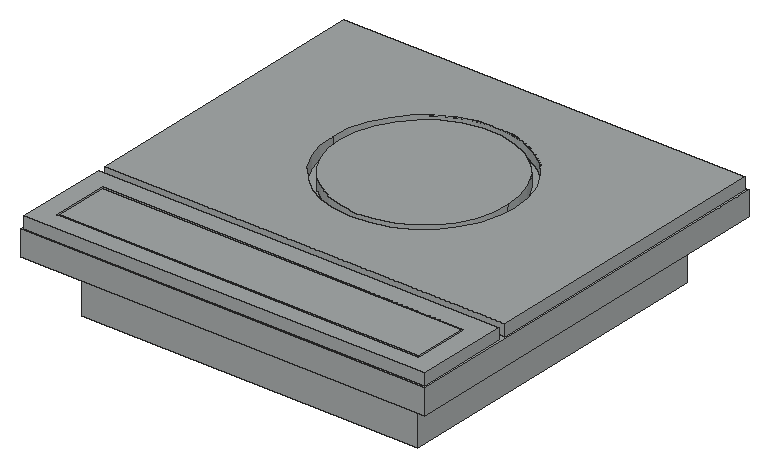
Revit family "Gira_5533920", category Electrical Fixtures, host Face, Revit 2017
Family settings
  Host = Face
  Maintain Annotation Orientation = Yes
  Round Connector Dimension = Use Diameter
  Part Type = Normal
  Cut with Voids When Loaded = No
  Shared = No
  Room Calculation Point = No
Parameters (values of type "Call btn mod.3-g System 106 stainl.steel")
  Width = "0.1065"
  URL = "http://katalog.gira.de/en/datenblatt.html?artikelnr=5533920"
  Number of bell buttons = "3"
  Name = "Call btn mod.3-g System 106 stainl.steel"
  Model = "Sys106_Abdeckung_Schalten und Tasten"
  Manufacturer URL = "https://www.gira.de/"
  Manufacturer = "Gira"
  Installation technique = "Bus system"
  HeinzeBIM = "https://bimportal.heinze.de/bim/call-btn-mod-3-g-system-106-stainl-steel/2d92a11e4e957731f4c442018084108859d4a54f"
  Height = "0.1065"
  HAN = "5533920"
  GTIN = "4010337022565"
  Edelstahl [instance] = Edelstahl
  Description = "C.btn mod.3g S106 SST,System 106 call-button module,3-gang,Stainless steel,The Gira System 106 is an installation system made of metal in a puristic and elegant frameless design, based on basic measurements of 106.5 × 106.5 mm. With the modular door intercom in Gira System 106, hospitality begins even before you reach the front door. All the functions are presented in a harmonious overall appearance, from the call button module, intercom module, and camera module, up to the info and blank module. In the dark, backlit call buttons with inscription space ensure good legibility and an attractive appearance.,,Individually adaptable modular system, The System 106 can be used in family homes or apartment buildings, as well as in office buildings, industrial properties, and hotels. The modular design enables the system's size, design, and functionality to be individually adapted to the respective requirements. Expansions and changes are possible at any time by easily exchanging the modules.,With this system, it is also possible to exchange the fronts only. This means that the appearance of the system can be changed from e.g. traffic white to a stainless steel surface at a later stage, without having to exchange the electronic units.,,High-quality materials,The modules are frameless with design fronts made of genuine materials, available in two brushed stainless steel versions (V2A and V4A), anodised aluminium C-0, and a metal alloy lacquered in traffic white (RAL 9016): all robust materials which ensure durability. The camera and DIN 18040 display module feature a black glass cover.,,Easy and phased installation,The system can be installed in phases, in parallel to the progress of building work. In this way, it is possible to initially install only the lower part of a surface-mounted housing during construction of the shell; cables and modules can then be added when they are needed.,,Individual inscription options,Call button modules and info modules can be labelled individually via the Gira inscription service.,,Features:,- Easy-to-use, vandal-proof, and scratch-resistant call buttons.,- Function changes, e.g. from 2-gang to 4-gang, can be easily realised by replacing the buttons.,- Various inscription options possible.,,Notes :,- Professional labelling with the Gira Inscription Service www.marking.gira.com."
  Default Elevation = 1219.2 mm
  Data sheet (1) = "https://katalog.gira.de/en/download.html?artikelnr=5533920"
  Category = "Functional module for door communication"
  BIM (1) = "https://media.stage.bim.site/public/gira/36a6b08/Sys106_Abdeckung_Schalten und Tasten.rfa?public/gira/36a6b08/Sys106_Abdeckung_Schalten und Tasten.rfa"
  Available = "No"
Reference planes
  plane 1 "Center (Front/Back)": y = 0
  plane 2 "Reference Level 0": z = 0
  plane 3 "Center (Left/Right)": x = 0
  plane 4 "Reference Level 1": z = 9.5
Forms (mm)
  Extrusion 1, solid, material "Edelstahl" <- "Edelstahl", detail levels coarse
    sketch origin (0, 0, 0) x (1, 0, 0) y (0, 1, 0)
      loop
        line (-53, 53) -> (-53, -53) -> (53, -53) -> (53, 53) -> (-53, 53)
    from -14.7 to 9.5
  Extrusion 2, solid, material "Edelstahl" <- "Edelstahl", detail levels fine
    sketch origin (0, 0, 0) x (1, 0, 0) y (0, 1, 0)
      loop
        line (52.5, -28) -> (-52.5, -28) -> (-52.5, -52.5) -> (52.5, -52.5) -> (52.5, -28)
      loop
        line (-47.5, -48) -> (47.5, -48) -> (47.5, -33) -> (-47.5, -33) -> (-47.5, -48)
    from 6.5 to 9.5
  Extrusion 3, solid, material "Edelstahl" <- "Edelstahl", detail levels fine
    sketch origin (0, 0, 0) x (1, 0, 0) y (0, 1, 0)
      loop
        line (-52.5, 52.5) -> (-52.5, -26) -> (52.5, -26) -> (52.5, 52.5) -> (-52.5, 52.5)
      loop
        circle (0, 13) r 24
    from 6.5 to 9.5
  Extrusion 4, solid, material "Edelstahl" <- "Edelstahl", detail levels medium+fine
    sketch origin (0, 0, 0) x (1, 0, 0) y (0, 1, 0)
      loop
        line (-53, 53) -> (-53, -53) -> (53, -53) -> (53, 53) -> (-53, 53)
    from 0 to 6.5
  Extrusion 5, solid, material "Edelstahl" <- "Edelstahl", detail levels fine
    sketch origin (0, 0, 0) x (1, 0, 0) y (0, 1, 0)
      loop
        line (-44, 44) -> (-44, -44) -> (44, -44) -> (44, 44) -> (-44, 44)
    from -14.7 to 0
  Extrusion 6, solid, material "Edelstahl" <- "Edelstahl", detail levels fine
    sketch origin (0, 0, 0) x (1, 0, 0) y (0, 1, 0)
      loop
        circle (0, 13) r 22
    from 6.5 to 9.5
  Extrusion 7, solid, material "Edelstahl" <- "Edelstahl", detail levels fine
    sketch origin (0, 0, 0) x (1, 0, 0) y (0, 1, 0)
      loop
        line (-47, -33.5) -> (-47, -47.5) -> (47, -47.5) -> (47, -33.5) -> (-47, -33.5)
    from 6.5 to 9.5
  Extrusion 8, solid, material "Edelstahl" <- "Edelstahl", detail levels medium
    sketch origin (0, 0, 0) x (1, 0, 0) y (0, 1, 0)
      loop
        line (-52.5, 52.5) -> (-52.5, -26) -> (52.5, -26) -> (52.5, 52.5) -> (-52.5, 52.5)
      loop
        line (-52.5, -28) -> (-52.5, -52.5) -> (52.5, -52.5) -> (52.5, -28) -> (-52.5, -28)
    from 6.5 to 9.5
  Extrusion 9, solid, material "Edelstahl" <- "Edelstahl", detail levels medium
    sketch origin (0, 0, 0) x (1, 0, 0) y (0, 1, 0)
      loop
        circle (0, 13) r 24
      loop
        line (-47.5, -33) -> (-47.5, -48) -> (47.5, -48) -> (47.5, -33) -> (-47.5, -33)
    from 6.5 to 9.5
Dimensions and locks
  aligned and locked: plane 2 "Reference Level 0" to host face
  aligned and locked: level to host face
  aligned and locked: Extrusion 4 to host face
  aligned and locked: Extrusion 4 to level
  aligned and locked: level to Extrusion 5
  aligned and locked: level to Extrusion 4
  aligned and locked: Extrusion 4 to plane 2 "Reference Level 0"
  aligned and locked: plane 2 "Reference Level 0" to Extrusion 5
  aligned and locked: plane 3 "Center (Left/Right)" to nested 1
  aligned and locked: plane 1 "Center (Front/Back)" to nested 1
Nested families
  nested 1: "Schalter" at (0, 0, 0), type "Schalter"
Connectors
  electrical at (0, 0, -14.7)
    settings: on Extrusion 5, index 1, voltage 220 V, apparent load 0 VA, apparent load phase1 0 VA, apparent load phase2 0 VA, apparent load phase3 0 VA, power factor 1, load classification "Other", number of poles 1, system type 30, power factor state 1, is connector primary yes, connector utility no, sub classification motor no, connector description ""
Definition of nested family "Schalter"
  Reference planes
    plane 1: y = 0
    plane 2: x = 0
  Lines and regions (mm)
    detail lines
      curve 1: circle (1.375, 2.778, 0) r 0.8 normal (0, 0, 1)
      curve 2: line (1.021, 2.061, 0) -> (0, 0, 0)
      curve 3: line (0, 0, 0) -> (-0.538, 0.266, 0)
  Dimensions and locks
    curve 2 to curve 2 = 2.3 mm
    curve 3 to curve 2 = 0.6 mm
    radius of curve 1 = 0.8 mm
